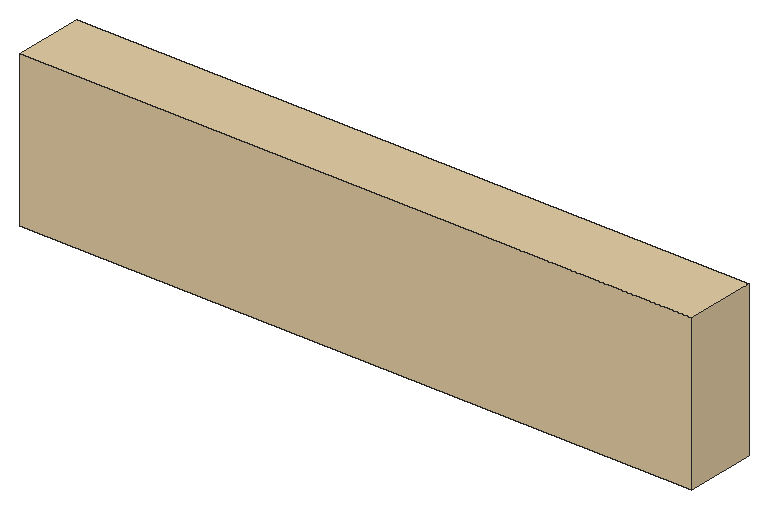
Revit family
Parameters (values of type "5x11")
  Start Extension Calculation [instance] = 10' 0" + Start Extension  # 10' - 0"
  Start Extension [instance] = 0' - 0"
  End Extension Calculation [instance] = 10' 0" + End Extension  # 10' - 0"
  End Extension [instance] = 0' - 0"
  Beam Material [instance] = Wood - Dimensional Lumber
  A = 55.00 in²
  Assembly Code = "B10"
  Ix = 554.6
  Iy = 114.6
  Laminations = "8"
  Length [instance] = 5' - 0"
  Sx = 100.8
  Sy = 45.83
  b = 0' - 5"
  d = 0' - 11"
Types (2): name | A | Ix | Iy | Laminations | Sx | Sy | b | d
  5x11 | 55.00 in² | 554.6 | 114.6 | "8" | 100.8 | 45.83 | 0' - 5" | 0' - 11"
  3x5.5 | 16.50 in² | 41.59 | 12.38 | "4" | 15.13 | 8.25 | 0' - 3" | 0' - 5 1/2"
Reference planes (in)
  plane 1 "Center (Front/Back)": y = 0
  plane 2: z = 0
  plane 3 "Center (Left/Right)": x = 0.1815
  plane 4 "Member Left": x = -23.8185
  plane 5 "Member Right": x = 24.1815
  plane 6: y = 2.5
  plane 7: y = -2.5
  plane 8: z = 5.5
  plane 9: z = -5.5
  plane 10 "Left": x = -29.8185
  plane 11 "Stick Symbol Left": x = -17.8185
  plane 12 "Stick Symbol Right": x = 18.1815
  plane 13 "Right": x = 30.1815
  plane 14: x = -23.8185
  plane 15: x = 24.1815
  plane 16: x = 96.1815
  plane 17: x = -95.8185
Forms (in)
  Sweep 1, solid, material "Wood - Dimensional Lumber" <- "Beam Material", detail levels medium+fine
    path origin (0, 0, 0) x (1, 0, 0) y (0, 1, 0)
      loop
        line (24.1815, 0) -> (-23.8185, 0)
    profile "Rectangular Wood Beam-Profile : Rectangular Wood Beam-Profile" origin (0.1815, 0, 0) x (0, -1, 0) y (0, 0, 1)
      loop
        line (-2.5, -5.5) -> (2.5, -5.5) -> (2.5, 5.5) -> (-2.5, 5.5) -> (-2.5, -5.5)
Lines and regions (in)
  symbolic lines, style "Stick Symbols", detail levels coarse
    curve 1: line (0.1815, 2.5, 5.5) -> (0.1815, -2.5, 5.5)
    curve 2: line (0.1815, -2.5, -5.5) -> (0.1815, 2.5, -5.5)
    curve 3: line (0.1815, -2.5, 5.5) -> (0.1815, -2.5, -5.5)
    curve 4: line (0.1815, 2.5, -5.5) -> (0.1815, 2.5, 5.5)
Dimensions and locks (in)
  "b": plane 6 to plane 7
  "d": plane 9 to plane 8
  equal spacing: plane 9, plane 2, plane 8
  equal spacing: plane 6, plane 1 "Center (Front/Back)", plane 7
  "Length": plane 10 "Left" to plane 13 "Right"
  locked: plane 4 "Member Left" to plane 16 at 120
  locked: plane 17 to plane 5 "Member Right" at 120
  "End Extension Calculation": plane 17 to plane 15
  "Start Extension Calculation": plane 14 to plane 16
  aligned and locked: Sweep 1 sketch curve to plane 1 "Center (Front/Back)"
  aligned and locked: curve 1 to Sweep 1
  aligned and locked: curve 2 to Sweep 1
  aligned and locked: curve 3 to Sweep 1
  aligned and locked: curve 4 to Sweep 1
  aligned and locked: plane 14 to Sweep 1 sketch curve
  aligned and locked: plane 15 to Sweep 1 sketch curve
